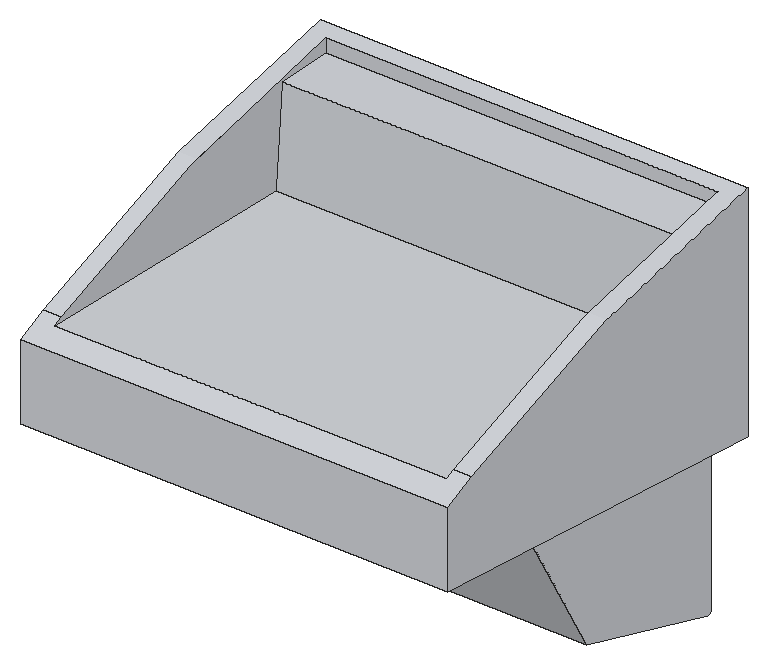
Revit family "LRBHL-2320", category Plumbing Fixtures, Revit 2015
Parameters
  URL = "https://www.willoughby-ind.com/"
  Revision = "A"
  Model = "LRHBL-2320"
  Manufacturer = "Willoughby Industries"
  Description = "Single Station, Ligature-resistant, Solid Surface, Behavioral Healthcare Lavatory"
  Contact Info = "(800) 428-4065"
Reference planes (in)
  plane 1 "Center (Front/Back)": y = 0
  plane 2: z = 0
  plane 3 "Center (Left/Right)": x = 0
Forms (in)
  Extrusion 1, solid
    sketch origin (0, 0, 3) x (0, 1, 0) y (0, 0, 1)
      loop
        arc (-0.25176, 15.28526) -> (-0.07825, 15.31977) -> (0, 15.47845) r 0.2
        line (0, 15.47845) -> (0, 24.5) -> (-12.94737, 25.42732) -> (-8.34367, 17.45348) -> (-0.25176, 15.28526)
    from -9.5 to 9.5
  Extrusion 2, solid
    sketch origin (0, 0, 3) x (0, 1, 0) y (0, 0, 1)
      loop
        line (0, 24.5) -> (0, 36.5)
        arc (0, 36.5) -> (-9.51474, 34.31423) -> (-18.5948, 30.7281) r 65
        line (-18.5948, 30.7281) -> (-20.20666, 29.94688) -> (-20.20666, 25.91299) -> (0, 24.5)
    from -11.5 to 11.5
  Extrusion 3, void
    sketch origin (0, 0, 3) x (0, 1, 0) y (0, 0, 1)
      loop
        line (-4.25, 30.5) -> (-3.8052, 35.55442) -> (-0.8619, 35.6572) -> (-0.8619, 36.5) -> (-20.25, 36.5) -> (-20.25, 30.5) -> (-4.25, 30.5)
    from -10.53125 to 10.53125
  Extrusion 4, solid
    sketch origin (0, 0, 0) x (1, 0, 0) y (0, 0, 1)
      loop
        circle (0, 26.625) r 0.75
    from -0.125 to 0.125
  Extrusion 5, solid
    sketch origin (0, 0, 0) x (1, 0, 0) y (0, 0, 1)
      loop
        circle (-1, 23.875) r 0.25
      loop
        circle (-5, 23.875) r 0.25
    from -0.125 to 0.125
Cuts and joins
  Extrusion 3 cuts Extrusion 2
Dimensions and locks (in)
  aligned and locked: level to plane 2
Connectors (in)
  piping at (-1, 0.125, 23.875), diameter 0.5
    settings: on Extrusion 5, index 1, connector inside diameter 24", connector length 0' - 0", flow factor 0, pipe flow 0 GPM, pressure drop 0.00 psi, fitting loss kfactor 0, connector angle 0.00°, fixture units 0, engagement length 0' - 0", angle of deflection 0.00°, flow configuration 0, flow direction 0, fitting loss method 0, system type 20, joint type 0, gender type 0, connector reference index -1, connector utility 0, adjustable connector no, is connector primary yes, connector description ""
  piping at (-5, 0.125, 23.875), diameter 0.5
    settings: on Extrusion 5, index 2, connector inside diameter 24", connector length 0' - 0", flow factor 0, pipe flow 0 GPM, pressure drop 0.00 psi, fitting loss kfactor 0, connector angle 0.00°, fixture units 0, engagement length 0' - 0", angle of deflection 0.00°, flow configuration 0, flow direction 0, fitting loss method 0, system type 20, joint type 0, gender type 0, connector reference index -1, connector utility 0, adjustable connector no, is connector primary no, connector description ""
  piping at (0, 0.125, 26.625), diameter 1.5
    settings: on Extrusion 4, index 3, connector inside diameter 24", connector length 0' - 0", flow factor 0, pipe flow 0 GPM, pressure drop 0.00 psi, fitting loss kfactor 0, connector angle 0.00°, fixture units 0, engagement length 0' - 0", angle of deflection 0.00°, flow configuration 0, flow direction 0, fitting loss method 0, system type 16, joint type 0, gender type 0, connector reference index -1, connector utility 0, adjustable connector no, is connector primary no, connector description ""
